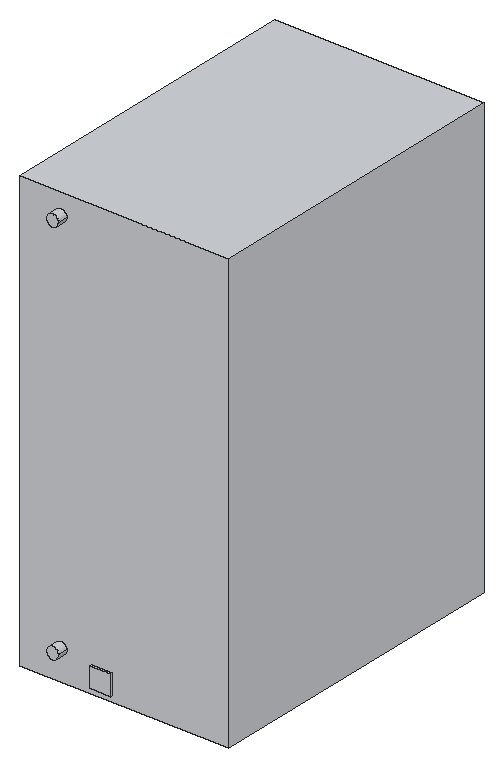
Revit family "Unidade de condensador - Sistema Split AC - 2-19 kW", category Equipamento mecânico, Revit 2019
Family settings
  Cota do conector redondo = Usar raio
  Tipo de parte = Normal
  ID de item do Seek = Air Handling Unit - Split System - Horizontal-0000-CAN-ENU
  Com base no plano de trabalho = Não
  Sempre na vertical = Sim
  Corte com vazios quando carregada = Não
  Compartilhado = Não
  Ponto de cálculo do ambiente = Não
Parameters (values of type "Padrão")
  Largura = 510 mm
  Watts = 0 W
  Voltagem = 230 V
  Corrente nominal = 0.0 A
  Deslocamento da lâmina = Largura da grelha de descarga / 8  # 78.125 mm
  Classificação de carga = Refrigeração
  Largura da grelha de descarga = Comprimento - 150 mm  # 625 mm
  Altura da grelha de descarga = Altura - 450 mm  # 619 mm
  Capacidade de refrigeração = 34400 Btu/h
  Material da unidade condensadora = none
  Fluxo de ar [instance] = 1299.6 m³/h
  Número de pólos = 1
  Comprimento = 775 mm
  Altura = 1069 mm
  Raio DX = 14 mm
  Diâmetro DX = Raio DX * 2  # 28 mm
  Assembly Code = ""
  Carga aparente = 516 VA
Reference planes
  plane 1 "Parte frontal": y = 0
  plane 2: z = 0
  plane 3 "Esquerda": x = 0
  plane 4 "Parte posterior": y = 775
  plane 5: z = 1069
  plane 6: z = 40.447
  plane 7: x = 200
  plane 8 "Centro (Frente/Trás)": y = 387.5
  plane 9 "Direita": x = 510
  plane 10 "Topo da elétrica": z = 65.447
  plane 11 "Parte inferior da elétrica": z = 15.447
  plane 12: x = 225
  plane 13: x = 175
  plane 14: x = 100
  plane 15 "Parte inferior do DX": z = 75
  plane 16 "Topo DX": z = 1019
  plane 17 "Centro X": z = 534.5
  plane 18 "Esquerda da grelha": y = 725
  plane 19 "Direita da grelha": y = 100
  plane 20 "Topo da grelha": z = 669
  plane 21: z = 50
  plane 22 "Centro (Esquerda/Direita)": x = 255
Forms (mm)
  Extrusion 1, solid, material <- "Material da unidade condensadora"
    sketch origin (0, 0, 0) x (1, 0, 0) y (0, 1, 0)
      loop
        line (0, 775) -> (0, 0) -> (510, 0) -> (510, 775) -> (0, 775)
    from 0 to 1069
  Extrusion 2, solid, material <- "Material da unidade condensadora"
    sketch origin (0, 0, 0) x (1, 0, 0) y (0, 0, 1)
      loop
        line (175, 65.447) -> (175, 15.447) -> (225, 15.447) -> (225, 65.447) -> (175, 65.447)
    from 0 to 5
  Extrusion 3, solid, material <- "Material da unidade condensadora"
    sketch origin (0, 0, 0) x (1, 0, 0) y (0, 0, 1)
      loop
        circle (100, 75) r 14
      loop
        circle (100, 1019) r 14
    from 0 to 25
Lines and regions (mm)
  model lines
    curve 1: line (0, 725, 669) -> (0, 50, 669)
    curve 2: line (0, 725, 50) -> (0, 725, 669)
    curve 3: line (0, 50, 50) -> (0, 725, 50)
    curve 4: line (0, 50, 669) -> (0, 50, 50)
    curve 5: line (0, 646.875, 590.875) -> (0, 128.125, 590.875)
    curve 6: line (0, 646.875, 128.125) -> (0, 646.875, 590.875)
    curve 7: line (0, 128.125, 128.125) -> (0, 646.875, 128.125)
    curve 8: line (0, 128.125, 590.875) -> (0, 128.125, 128.125)
    curve 9: line (0, 568.75, 512.75) -> (0, 206.25, 512.75)
    curve 10: line (0, 568.75, 206.25) -> (0, 568.75, 512.75)
    curve 11: line (0, 206.25, 206.25) -> (0, 568.75, 206.25)
    curve 12: line (0, 206.25, 512.75) -> (0, 206.25, 206.25)
    curve 13: line (0, 490.625, 434.625) -> (0, 284.375, 434.625)
    curve 14: line (0, 490.625, 284.375) -> (0, 490.625, 434.625)
    curve 15: line (0, 284.375, 284.375) -> (0, 490.625, 284.375)
    curve 16: line (0, 284.375, 434.625) -> (0, 284.375, 284.375)
Dimensions and locks
  "Comprimento": plane 1 "Parte frontal" to plane 4 "Parte posterior"
  plane 6 to level = 40.447 mm
  equal spacing: plane 4 "Parte posterior", plane 8 "Centro (Frente/Trás)", plane 1 "Parte frontal"
  locked: plane 13 to plane 12 at 50
  locked: plane 10 "Topo da elétrica" to plane 11 "Parte inferior da elétrica" at 50
  equal spacing: plane 10 "Topo da elétrica", plane 6, plane 11 "Parte inferior da elétrica"
  equal spacing: plane 12, plane 7, plane 13, locked at 25 each
  locked: plane 14 to plane 3 "Esquerda" at 100
  equal spacing: plane 5, plane 17 "Centro X", plane 2
  "Altura": plane 5 to plane 2
  locked: plane 5 to plane 16 "Topo DX" at 50
  locked: plane 15 "Parte inferior do DX" to plane 2 at 75
  "Largura": plane 3 "Esquerda" to plane 9 "Direita"
  locked: plane 7 to plane 14 at 100
  "Altura da grelha de descarga": plane 20 "Topo da grelha" to plane 21
  locked: plane 4 "Parte posterior" to plane 18 "Esquerda da grelha" at 50
  "Largura da grelha de descarga": plane 18 "Esquerda da grelha" to plane 19 "Direita da grelha"
  plane 21 to plane 2 = 50 mm
  equal spacing: curve 6, plane 8 "Centro (Frente/Trás)", curve 8
  "Deslocamento da lâmina": curve 2 to curve 6
  "Deslocamento da lâmina": curve 5 to curve 1
  "Deslocamento da lâmina": curve 8 to curve 4
  "Deslocamento da lâmina": curve 7 to curve 3
  "Deslocamento da lâmina": curve 11 to curve 7
  "Deslocamento da lâmina": curve 9 to curve 5
  "Deslocamento da lâmina": curve 12 to curve 8
  "Deslocamento da lâmina": curve 6 to curve 10
  "Deslocamento da lâmina": curve 16 to curve 12
  "Deslocamento da lâmina": curve 10 to curve 14
  "Deslocamento da lâmina": curve 13 to curve 9
  "Deslocamento da lâmina": curve 15 to curve 11
  equal spacing: plane 3 "Esquerda", plane 22 "Centro (Esquerda/Direita)", plane 9 "Direita"
  "Raio DX": radius of Extrusion 3 sketch curve  (x2)
  aligned and locked: plane 3 "Esquerda" to Extrusion 1 sketch curve
  aligned and locked: Extrusion 1 sketch curve to plane 4 "Parte posterior"
  aligned and locked: plane 1 "Parte frontal" to Extrusion 1 sketch curve
  aligned and locked: Extrusion 1 to plane 5  (x2)
  aligned and locked: plane 9 "Direita" to Extrusion 1
  aligned and locked: Extrusion 2 to plane 11 "Parte inferior da elétrica"
  aligned and locked: plane 10 "Topo da elétrica" to Extrusion 2
  aligned and locked: plane 13 to Extrusion 2
  aligned and locked: plane 12 to Extrusion 2
  aligned and locked: plane 16 "Topo DX" to Extrusion 3 sketch curve
  aligned and locked: plane 14 to Extrusion 3 sketch curve  (x2)
  aligned and locked: plane 15 "Parte inferior do DX" to Extrusion 3 sketch curve
  aligned and locked: curve 1 to plane 20 "Topo da grelha"
  aligned and locked: curve 2 to plane 18 "Esquerda da grelha"
  aligned and locked: plane 21 to curve 3
Automatic sketch dimensions
  plane 7 to Extrusion 2 sketch curve = 25 mm
  Extrusion 2 sketch curve to plane 6 = 25 mm
  Extrusion 2 sketch curve to Extrusion 2 sketch curve = 50 mm
  Extrusion 2 sketch curve to plane 7 = 25 mm
  Extrusion 1 sketch curve to plane 9 "Direita" = 0 mm
Connectors
  piping at (100, -25, 75), diameter 28, driven by "Raio DX"
    settings: on Extrusion 3, index 9, connector inside diameter 28 mm, connector length 0 mm, flow factor 0, pipe flow 0.0 L/s, pressure drop 0.0 Pa, fitting loss kfactor 0, connector angle 0.00°, fixture units 0, engagement length 0 mm, angle of deflection 0.00°, flow configuration 1, flow direction 1, fitting loss method 0, system type 22, joint type 0, gender type 0, connector reference index 10, connector utility 0, adjustable connector no, is connector primary yes, connector description "Entrada do refrigerante"
  piping at (100, -25, 1019), diameter 28, driven by "Raio DX"
    settings: on Extrusion 3, index 10, connector inside diameter 28 mm, connector length 0 mm, flow factor 0, pipe flow 0.0 L/s, pressure drop 0.0 Pa, fitting loss kfactor 0, connector angle 0.00°, fixture units 0, engagement length 0 mm, angle of deflection 0.00°, flow configuration 1, flow direction 2, fitting loss method 0, system type 22, joint type 0, gender type 0, connector reference index 9, connector utility 0, adjustable connector no, is connector primary no, connector description "Saída do refrigerante"
  electrical at (200, -5, 40.447), driven by "Número de pólos", driven by "Classificação de carga", driven by "Voltagem", driven by "Carga aparente"
    settings: on Extrusion 2, index 13, voltage 230 V, apparent load 516 VA, apparent load phase1 0 VA, apparent load phase2 0 VA, apparent load phase3 0 VA, power factor 0.8, load classification "Refrigeração", number of poles 1, system type 30, power factor state 1, is connector primary yes, connector utility no, sub classification motor no, connector description "Potência"
Types in the file's own list only (6): name | Largura | Watts | Corrente nominal | Deslocamento da lâmina | Largura da grelha de descarga | Altura da grelha de descarga | Capacidade de refrigeração | Comprimento | Altura
  24000 Btu/h | 510 mm | 3094 W | 8.1 A | 78 mm | 625 mm | 619 mm | 24000 Btu/h | 775 mm | 1069 mm
  36000 Btu/h | 560 mm | 4321 W | 11.6 A | 87 mm | 698 mm | 770 mm | 36000 Btu/h | 848 mm | 1220 mm
  48000 Btu/h | 560 mm | 5998 W | 15.7 A | 72 mm | 572 mm | 923 mm | 48000 Btu/h | 722 mm | 1373 mm
  60000 Btu/h | 560 mm | 7434 W | 19.5 A | 72 mm | 572 mm | 923 mm | 60000 Btu/h | 722 mm | 1373 mm
  96000 Btu/h | 560 mm | 15912 W | 41.8 A | 159 mm | 1270 mm | 1075 mm | 96000 Btu/h | 1420 mm | 1525 mm
  120000 Btu/h | 560 mm | 18785 W | 49.3 A | 159 mm | 1270 mm | 1075 mm | 120000 Btu/h | 1420 mm | 1525 mm
